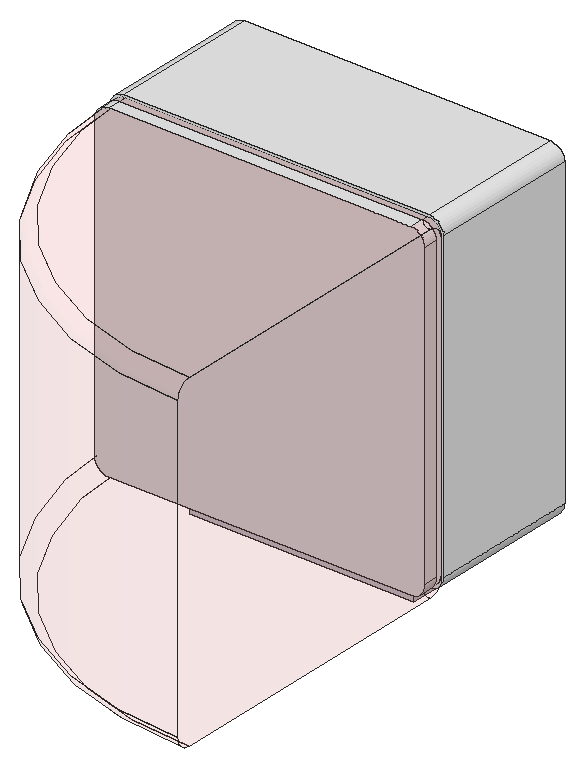
Revit family "Door-Operator_Electric_Tormax_iMotion-TN-110-Control-Box", category Specialty Equipment, Revit 2026
Family settings
  Round Connector Dimension = Use Diameter
  Part Type = Normal
  Classification Number = 23.30.40.11.34
  Work Plane-Based = Yes
  Enable Cutting in Views = No
  Always vertical = No
  Cut with Voids When Loaded = No
  Maintain Annotation Orientation = No
  Shared = No
  Room Calculation Point = No
Parameters (values of type "as Specified")
  Warranty Duration (Years) = 0
  Unit Width = 0' - 11 7/8"
  Unit Height = 0' - 11 7/8"
  Unit Depth = 0' - 6 1/8"
  URL = "http://www.tormaxusa.com/"
  Swing Clearance Visible [instance] = yes
  Specification = "https://www.arcat.com/sdspecs/htm04/08_71_13tor.htm"
  SpecWizard = "https://www.arcat.com/specwizard/08731tor/index04.htm"
  Send Message = ""
  Sales Information = "http://www.tormaxusa.com/en/43/contact"
  Revision = "R1_2018-04"
  Product Properties = ""
  Product Page URL = ""
  Product Data = "https://www.arcat.com/arcatcos/cos43/arc43969.html"
  Mounting Height [instance] = 5' - 0"
  Model = "iMotion TN 110 Control Box"
  Manufacturer Website = "http://www.tormaxusa.com/"
  Manufacturer Phone - Toll Free = "888-685-3707"
  Manufacturer Phone = "210-494-3551"
  Manufacturer Fax = "210-494-5930"
  Manufacturer Address = "12859 Wetmore Rd. San Antonio, TX 78247"
  Manufacturer = "TORMAX USA Inc."
  Maintenance Schedule (Months) = 0
  Keynote = "08 71 13"
  Installation-Fabrication = ""
  Installation Phase = ""
  Green Building-LEED = "https://www.arcat.com/green/clients/leed_data_43969.html"
  Finish [instance] = Finish - Tormax - White
  Expected Lifespan (Years) = 0
  Electrical_Voltage = 120 V
  Electrical_VA = Electrical_Voltage * Electrical_Amperage  # 1200 VA
  Electrical_Number of Poles = 1
  Electrical_Frequency = 60 Hz
  Electrical_Amperage = 10 A
  Drawn By = "Sumex Design, Inc. / Robert S. Weygant, CSI, CDT, SCIP"
  Description = "Tormax iMotion TN 110 Control Box"
  Default Elevation = 0' - 0"
  Copyright = "©Arcat Inc."
  Construction Details = "https://www.arcat.com/details/tormax/tormax.html?coid=43969"
  Clearance Visible [instance] = yes
  Clearance Material [instance] = ARCAT Clearance
  CAD Details = ""
  Breaker Required = 15 A
  Available Options = "as Specified"
  Assembly Code = "C1020410"
Reference planes (in)
  plane 1 "Center (Front/Back)": y = 0
  plane 2 "Bottom": z = 0
  plane 3 "Center (Left/Right)": x = 0
  plane 4: z = 60
Forms (in)
  Extrusion 1, solid, material "Finish - Tormax - White" <- "Finish"
    sketch origin (0, 0, 0) x (1, 0, 0) y (0, 0, 1)
      loop
        line (5.4375, 61.01563) -> (-5.4375, 61.01563)
        arc (-5.4375, 61.01563) -> (-5.79105, 60.86918) -> (-5.9375, 60.51563) r 0.5
        line (-5.9375, 60.51563) -> (-5.9375, 49.64063)
        arc (-5.9375, 49.64063) -> (-5.79105, 49.28707) -> (-5.4375, 49.14063) r 0.5
        line (-5.4375, 49.14063) -> (5.4375, 49.14063)
        arc (5.4375, 49.14063) -> (5.79105, 49.28707) -> (5.9375, 49.64063) r 0.5
        line (5.9375, 49.64063) -> (5.9375, 60.51563)
        arc (5.9375, 60.51563) -> (5.79105, 60.86918) -> (5.4375, 61.01563) r 0.5
    from 0 to 5.375
  Extrusion 2, solid, material "Finish - Tormax - White" <- "Finish"
    sketch origin (0, 0, 0) x (1, 0, 0) y (0, 0, 1)
      loop
        line (-5.875, 60.45313) -> (-5.875, 49.70313)
        arc (-5.875, 49.70313) -> (-5.72855, 49.34957) -> (-5.375, 49.20313) r 0.5
        line (-5.375, 49.20313) -> (5.375, 49.20313)
        arc (5.375, 49.20313) -> (5.72855, 49.34957) -> (5.875, 49.70313) r 0.5
        line (5.875, 49.70313) -> (5.875, 60.45313)
        arc (5.875, 60.45313) -> (5.72855, 60.80668) -> (5.375, 60.95313) r 0.5
        line (5.375, 60.95313) -> (-5.375, 60.95313)
        arc (-5.375, 60.95313) -> (-5.72855, 60.80668) -> (-5.875, 60.45313) r 0.5
    from 5.625 to 6.125
  Extrusion 3, solid, material "Finish - Tormax - White" <- "Finish"
    sketch origin (0, 0, 0) x (1, 0, 0) y (0, 0, 1)
      loop
        line (-5.375, 60.45313) -> (-5.375, 49.70313) -> (5.375, 49.70313) -> (5.375, 60.45313) -> (-5.375, 60.45313)
    from 5.375 to 5.625
  Extrusion 4, solid
    sketch origin (-5.4375, 0, 49.14063) x (0, -1, 0) y (-1, 0, 0)
      loop
        line (0.96029, -1.39234) -> (0.96029, -9.39234) -> (4.21029, -9.39234) -> (4.21029, -1.39234) -> (0.96029, -1.39234)
    from 0 to 1.5
  Revolve 5, solid, material "ARCAT Clearance" <- "Clearance Material", visible <- "Swing Clearance Visible"
    sketch origin (0, -5.375, 0) x (1, 0, 0) y (0, 0, 1)
      loop
        arc (5.875, 60.45313) -> (5.72855, 60.80668) -> (5.375, 60.95313) r 0.5
        line (5.375, 60.95313) -> (-5.375, 60.95313)
        arc (-5.375, 60.95313) -> (-5.72855, 60.80668) -> (-5.875, 60.45313) r 0.5
        line (-5.875, 60.45313) -> (-5.875, 49.70313)
        arc (-5.875, 49.70313) -> (-5.72855, 49.34957) -> (-5.375, 49.20313) r 0.5
        line (-5.375, 49.20313) -> (5.375, 49.20313)
        arc (5.375, 49.20313) -> (5.72855, 49.34957) -> (5.875, 49.70313) r 0.5
        line (5.875, 49.70313) -> (5.875, 60.45313)
      axis (5.9375, 49.20313) -> (5.9375, 60.95313)
    angle from 0 to -90
Lines and regions (in)
  model lines, style "SpecialityEquipmentHiddenLines"
    curve 1: line (-5.72855, -6.125, 60.80668) -> (5.875, -6.125, 55.07813)
    curve 2: line (5.875, -6.125, 55.07813) -> (-5.72855, -6.125, 49.34957)
Dimensions and locks (in)
  "Mounting Height": plane 4 to level
  Extrusion 1 sketch curve to plane 4 to Extrusion 1 sketch curve = 0' - 1 1/64" locked, 0' - 10 55/64" locked
  Extrusion 2 sketch curve to plane 4 to Extrusion 2 sketch curve = 0' - 0 61/64" locked, 0' - 10 51/64" locked
  Extrusion 3 sketch curve to plane 4 to Extrusion 3 sketch curve = 0' - 0 29/64" locked, 0' - 10 19/64" locked
Automatic sketch dimensions
  Extrusion 3 sketch curve to plane 3 "Center (Left/Right)" = 0' - 5 3/8"
  plane 3 "Center (Left/Right)" to Extrusion 3 sketch curve = 0' - 5 3/8"
  Extrusion 4 sketch curve to Extrusion 1 = 0' - 0.96029"
  Extrusion 4 sketch curve to Extrusion 1 = 0' - 1.16471"
  plane 4 to Extrusion 1 sketch curve = 0' - 0 33/64"  (x2)
  Extrusion 1 sketch curve to plane 3 "Center (Left/Right)" = 0' - 5 15/16"
  plane 3 "Center (Left/Right)" to Extrusion 1 sketch curve = 0' - 5 7/16"  (x2)
  Extrusion 1 sketch curve to Extrusion 1 sketch curve = 0' - 0 1/2"
  Extrusion 1 to Extrusion 4 sketch curve = 0' - 1.39234"
  Extrusion 1 to Extrusion 4 sketch curve = 0' - 1.48266"
  plane 4 to Extrusion 2 sketch curve = 0' - 0 29/64"  (x2)
  Extrusion 2 sketch curve to plane 3 "Center (Left/Right)" = 0' - 5 7/8"
  plane 3 "Center (Left/Right)" to Extrusion 2 sketch curve = 0' - 5 3/8"  (x2)
  Extrusion 2 sketch curve to Extrusion 2 sketch curve = 0' - 0 1/2"
  curve 1 to Extrusion 2 = 0' - 0"
  curve 2 to Extrusion 2 = 0' - 0.14645"  (x2)
  curve 1 to Extrusion 2 = 0' - 0.14645"  (x2)
  curve 2 to Extrusion 2 = 0' - 5 7/8"
  Revolve 5 sketch curve to Extrusion 1 = 0' - 0"
  Revolve 5 sketch curve to Extrusion 1 = 0' - 0 1/16"  (x3)
  Revolve 5 sketch curve to Revolve 5 sketch curve = 0' - 0 1/2"  (x2)
  Revolve 5 sketch curve to Extrusion 1 = 0' - 0 9/16"  (x3)
  Revolve 5 sketch curve to Revolve 5 sketch curve = 0' - 1 29/64"
  Extrusion 1 to Revolve 5 sketch curve = 0' - 2 15/64"
Connectors (in)
  electrical at (0, 0, 55.07813)
    settings: on Extrusion 1, index 1, voltage 0 V, apparent load 0 VA, apparent load phase1 0 VA, apparent load phase2 0 VA, apparent load phase3 0 VA, power factor 1, load classification "Other", number of poles 1, system type 13, power factor state 1, is connector primary no, connector utility no, sub classification motor no, connector description ""
  electrical at (-0.04516, -2.58529, 47.64063), driven by "Electrical_Number of Poles", driven by "Electrical_Voltage", driven by "Electrical_VA"
    settings: on Extrusion 4, index 2, voltage 120 V, apparent load 0 VA, apparent load phase1 1200 VA, apparent load phase2 0 VA, apparent load phase3 0 VA, power factor 1, load classification "Other", number of poles 1, system type 31, power factor state 1, is connector primary yes, connector utility no, sub classification motor no, connector description ""
